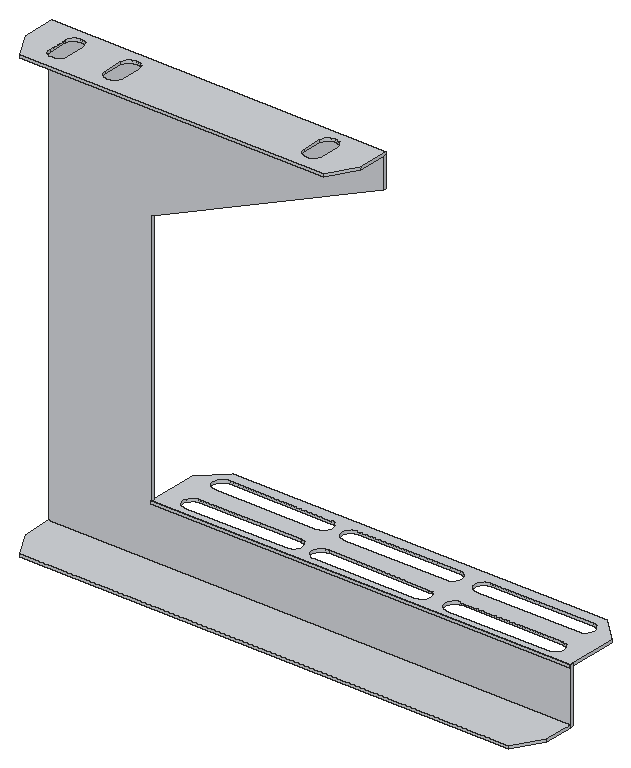
Revit family "TTH225", category Generic Models, Revit 2017
Family settings
  Can host rebar = No
  Round Connector Dimension = Use Diameter
  Part Type = Normal
  Work Plane-Based = Yes
  Always vertical = No
  Cut with Voids When Loaded = No
  Shared = No
  Room Calculation Point = No
Parameters (values of type "NBS Standard Parameters")
  Weight = "0.490Kg"
  WarrantyStartDate [instance] = "1900-12-31T23:59:59"
  WarrantyGuarantorParts = "n/a"
  WarrantyGuarantorLabor = "n/a"
  WarrantyDurationUnit = "year"
  WarrantyDurationParts = "n/a"
  WarrantyDurationLabor = "n/a"
  WarrantyDescription = "n/a"
  Version = "1"
  Uniclass2 = "PR_65_70_11_18"
  TagNumber [instance] = "n/a"
  SustainabilityPerformance = "n/a"
  Size = "225"
  Shape = ""
  SerialNumber [instance] = "n/a"
  Revision = "n/a"
  ReplacementCost = "n/a"
  ProductInformation = ""
  NominalWidth = 65 mm
  NominalLength = 280 mm
  NominalHeight = 240 mm
  Name = ""
  NBSTypeID = ""
  NBSReference = "90-55-10/410"
  NBSOfficeMasterTag = ""
  NBSNote = ""
  NBSDescription = "Cable Trunking"
  NBSCertification = ""
  ModelReference = "TTH225"
  ModelNumber = "n/a"
  Material = "Pre Galvanised Steel"
  ManufacturerURL = "www.metpro.co.uk"
  ManufacturerName = "Metpro Ltd"
  Keynote = "Compliant to LU  standard 1-085"
  InstallationDate [instance] = "1900-12-31T23:59:59"
  IfcExportType = ""
  IfcExportAs = ""
  Grade = "n/a"
  Finish = "Pre Galvanised"
  Features = "n/a"
  ExpectedLife = "n/a"
  DurationUnit = "year"
  Description = "TTH225 -225mm Tray Hanger"
  Default Elevation = 1219.2 mm
  Constituents = "n/a"
  Color = "n/a"
  CodePerformance = "n/a"
  Category = "n/a"
  BarCode [instance] = "n/a"
  BIMObjectName = "Role_Source_Type_Generic"
  Author = "Metpro Ltd"
  AssetType = ""
  AssetIdentifier [instance] = "n/a"
  AccessibilityPerformance = "n/a"
Reference planes
  plane 1 "Center (Front/Back)": y = 0
  plane 2: z = 0
  plane 3 "Center (Left/Right)": x = 0
Forms (mm)
  Extrusion 1, solid
    sketch origin (-42.729, 15.734, 22.127) x (1, 0, 0) y (0, 0, 1)
      loop
        line (-19.975, 93.727) -> (-19.975, -146.273) -> (260.025, -146.273) -> (260.025, -116.273) -> (35.025, -116.273) -> (35.025, 21.141) -> (160.025, 77.391) -> (160.025, 93.727) -> (-19.975, 93.727)
    from 0 to 1.4
  Extrusion 2, solid
    sketch origin (-62.704, 15.734, -124.145) x (0, -1, 0) y (-1, 0, 0)
      loop
        line (1.4, 0) -> (1.4, -280) -> (17.067, -280) -> (31.5, -271.078) -> (31.5, -8.333) -> (17.067, 0) -> (1.4, 0)
    from -1.4 to 0
  Extrusion 3, solid
    sketch origin (-62.704, 15.734, 115.855) x (1, 0, 0) y (0, 1, 0)
      loop
        line (0, 0) -> (0, -17.067) -> (8.333, -31.5) -> (171.667, -31.5) -> (180, -17.067) -> (180, 0) -> (0, 0)
    from 0 to 1.4
  Extrusion 4, solid
    sketch origin (92.296, 15.734, -94.145) x (-1, 0, 0) y (0, -1, 0)
      loop
        line (100, 1.609) -> (-125, 1.609) -> (-125, -26.391) -> (-113, -38.391) -> (88, -38.391) -> (100, -26.391) -> (100, 1.609)
    from -1.4 to 0
  Extrusion 5, void
    sketch origin (-62.704, 15.734, 117.255) x (0, 1, 0) y (1, 0, 0)
      loop
        line (-10, 161.804) -> (-20, 161.804)
        arc (-20, 161.804) -> (-25, 156.804) -> (-20, 151.804) r 5
        line (-20, 151.804) -> (-10, 151.804)
        arc (-10, 151.804) -> (-5, 156.804) -> (-10, 161.804) r 5
      loop
        line (-10, 55) -> (-20, 55)
        arc (-20, 55) -> (-25, 50) -> (-20, 45) r 5
        line (-20, 45) -> (-10, 45)
        arc (-10, 45) -> (-5, 50) -> (-10, 55) r 5
      loop
        line (-10, 25) -> (-20, 25)
        arc (-20, 25) -> (-25, 20) -> (-20, 15) r 5
        line (-20, 15) -> (-10, 15)
        arc (-10, 15) -> (-5, 20) -> (-10, 25) r 5
    from 0 to 1.4
  Extrusion 6, void
    sketch origin (92.296, 15.734, -94.145) x (0, -1, 0) y (-1, 0, 0)
      loop
        line (-2.126, -110) -> (-2.126, -56.021)
        arc (-2.126, -56.021) -> (-7.126, -51.021) -> (-12.126, -56.021) r 5
        line (-12.126, -56.021) -> (-12.126, -110)
        arc (-12.126, -110) -> (-7.126, -115) -> (-2.126, -110) r 5
      loop
        arc (-32.5, -110) -> (-27.5, -115) -> (-22.5, -110) r 5
        line (-22.5, -110) -> (-22.5, -55.722)
        arc (-22.5, -55.722) -> (-27.5, -50.722) -> (-32.5, -55.722) r 5
        line (-32.5, -55.722) -> (-32.5, -110)
      loop
        arc (-2.126, 15.625) -> (-7.126, 20.625) -> (-12.126, 15.625) r 5
        line (-12.126, 15.625) -> (-12.126, -38.354)
        arc (-12.126, -38.354) -> (-7.126, -43.354) -> (-2.126, -38.354) r 5
        line (-2.126, -38.354) -> (-2.126, 15.625)
      loop
        line (-32.5, 15.625) -> (-32.5, -38.653)
        arc (-32.5, -38.653) -> (-27.5, -43.653) -> (-22.5, -38.653) r 5
        line (-22.5, -38.653) -> (-22.5, 15.625)
        arc (-22.5, 15.625) -> (-27.5, 20.625) -> (-32.5, 15.625) r 5
      loop
        line (-2.126, 30.768) -> (-2.126, 84.746)
        arc (-2.126, 84.746) -> (-7.126, 89.746) -> (-12.126, 84.746) r 5
        line (-12.126, 84.746) -> (-12.126, 30.768)
        arc (-12.126, 30.768) -> (-7.126, 25.768) -> (-2.126, 30.768) r 5
      loop
        arc (-32.5, 30.768) -> (-27.5, 25.768) -> (-22.5, 30.768) r 5
        line (-22.5, 30.768) -> (-22.5, 85.046)
        arc (-22.5, 85.046) -> (-27.5, 90.046) -> (-32.5, 85.046) r 5
        line (-32.5, 85.046) -> (-32.5, 30.768)
    from 0 to 1.4
  Extrusion 7, void
    sketch origin (-62.704, 15.734, -122.745) x (0, -1, 0) y (1, 0, 0)
      loop
        arc (10, 25) -> (5, 20) -> (10, 15) r 5
        line (10, 15) -> (20, 15)
        arc (20, 15) -> (25, 20) -> (20, 25) r 5
        line (20, 25) -> (10, 25)
    from 0 to 1.4
Cuts and joins
  Extrusion 5 cuts Extrusion 3
  Extrusion 6 cuts Extrusion 4
  Extrusion 7 cuts Extrusion 2
Dimensions and locks
  aligned and locked: level to plane 2
